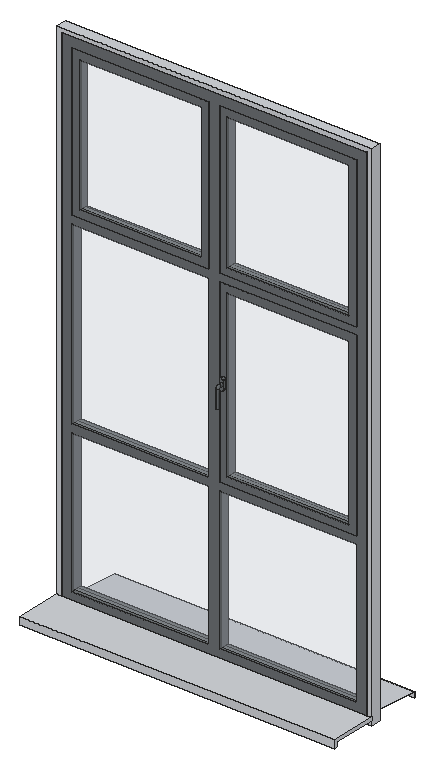
Revit family "AVLN_Окно_Две Фрамуга_2 створки", category Окна, Revit 2021 (continued)
Types (10, lengths in mm): name | Ширина_на_2 | Створка_сверху_высота | Створка_снизу_высота | Створка_справа_ширина | Створка_слева_ширина | Створка_высота | Центр право открывание | Центр лево открывание | Rough Width | Rough Height | Подоконник_Длина | Площадь проёма | Низ право открывание | Низ лево открывание | М.Заполнение нижней створки | Группа модели | Отлив_Длина | Отлив_Глубина | Откос_Н.Ширина | Откос_Н.Высота | Откос_В.Толщина.1 | М.Откос_Н.2 | М.Откос_Н.1 | М.Откос_В.1 | М.Стекла | М.Рамы | Height | Высота подоконника по умолчанию | Width | Верх право открывание | Верх лево открывание | АВЛН_Проем_Ширина | АВЛН_Проем_Высота | ADSK_Размер_Ширина | ADSK_Размер_Высота | ADSK_Обозначение | ADSK_Наименование
  ОК-6 3450х2100 | 1050 | 1000 | 950 | 915 | 915 | 1200 | АВЛН_Створка открывная : Створка повороно-откидная правая | АВЛН_Створка открывная : Створка глухая | 2040 | 3390 | 2100 | 7.245 m² | АВЛН_Створка открывная : Створка глухая | АВЛН_Створка открывная : Створка глухая | ADSK_Стекло_Прозрачное бесцветное_закалённое | "Окно" | 2000 | 330 | 2000 | 3400 | 4 | none | Панель фиброцементная Светлая | Панель фиброцементная Светлая | ADSK_Стекло_Прозрачное бесцветное | RAL 7016 | 3450 | 100 | 2100 | АВЛН_Створка открывная : Створка откидная | АВЛН_Створка открывная : Створка откидная | 2100 | 3450 | 2100 | 3450 | "ГОСТ 30674-99" | "ОП Б2 (4М1-12-4М1-12-И4)"
  ОК-4 3650х1850 ТО | 925 | 1000 | 900 | 790 | 790 | 1450 | АВЛН_Створка открывная : Створка повороно-откидная правая | АВЛН_Створка открывная : Створка глухая | 1790 | 3590 | 1850 | 6.7525 m² | АВЛН_Створка открывная : Створка глухая | АВЛН_Створка открывная : Створка глухая | ADSK_Стекло_Прозрачное бесцветное_закалённое | "Окно" | 1750 | 280 | 1750 | 3600 | 4 | none | Панель фиброцементная (RAL 7015) | ADSK_Полимеры_ Поливинилхлорид_(ПВХ) белый | ADSK_Стекло_Прозрачное бесцветное | RAL 7016 | 3650 | 800 | 1850 | АВЛН_Створка открывная : Створка откидная | АВЛН_Створка открывная : Створка откидная | 1850 | 3650 | 1850 | 3650 | "ГОСТ 30674-99" | "ОП Б2 (4М1-12-4М1-12-И4)"
  ОК-11 3450х1850 | 925 | 1000 | 950 | 790 | 790 | 1200 | АВЛН_Створка открывная : Створка откидная | АВЛН_Створка открывная : Створка откидная | 1790 | 3390 | 1850 | 6.3825 m² | АВЛН_Створка открывная : Створка глухая | АВЛН_Створка открывная : Створка глухая | ADSK_Стекло_Прозрачное бесцветное | "Окно" | 1750 | 280 | 1750 | 3400 | 4 | none | ADSK_Полимеры_ Поливинилхлорид_(ПВХ) белый | ADSK_Полимеры_ Поливинилхлорид_(ПВХ) белый | ADSK_Стекло_Прозрачное бесцветное | RAL 7016 | 3450 | 800 | 1850 | АВЛН_Створка открывная : Створка глухая | АВЛН_Створка открывная : Створка глухая | 1850 | 3450 | 1850 | 3450 | "ГОСТ 30674-99" | "ОП Б2 (4М1-12-4М1-12-И4)"
  1_1850х3080 | 925 | 920 | 920 | 790 | 790 | 940 | АВЛН_Створка открывная : Створка глухая | АВЛН_Створка открывная : Створка глухая | 1790 | 3020 | 1850 | 5.698 m² | АВЛН_Створка открывная : Створка повороно-откидная правая | АВЛН_Створка открывная : Створка повороно-откидная левая | Стекло | 0 | 1750 | 280 | 1750 | 3030 | 4 | none | ADSK_Полимеры_ Поливинилхлорид_(ПВХ) белый | ADSK_Полимеры_ Поливинилхлорид_(ПВХ) белый | Стекло | none | 3080 | 800 | 1850 | АВЛН_Створка открывная : Створка глухая | АВЛН_Створка открывная : Створка глухая | 1850 | 3080 | 1850 | 3080 | "" | ""
